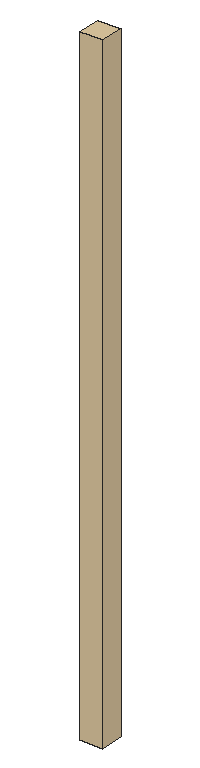
Revit family
Parameters (values of type "89 x 89")
  기둥 재료 [instance] = 목재 - 치수 재목
  Assembly Code = ""
  A = 0.008 m²
  Ix = 127.05
  Iy = 127.1
  Sx = 1919
  Sy = 117
  b = 88.9 mm
  d = 88.9 mm
Reference planes
  plane 1 "중심(앞/뒤)": y = 0
  plane 2: z = 0
  plane 3 "중심(왼쪽/오른쪽)": x = 0
  plane 4: x = -44.45
  plane 5: x = 44.45
  plane 6: y = 44.45
  plane 7: y = -44.45
Forms (mm)
  Extrusion 1, solid, material "목재 - 치수 재목" <- "기둥 재료", detail levels medium+fine
    sketch origin (0, 0, 0) x (1, 0, 0) y (0, 1, 0)
      loop
        line (-44.45, 44.45) -> (-44.45, -44.45) -> (44.45, -44.45) -> (44.45, 44.45) -> (-44.45, 44.45)
    from 0 to 2500
Lines and regions (mm)
  symbolic lines, style "StructuralColumnStickSymbols", detail levels coarse
    curve 1: line (-44.45, 44.45, 0) -> (44.45, 44.45, 0)
    curve 2: line (-44.45, -44.45, 0) -> (44.45, -44.45, 0)
    curve 3: line (-44.45, 44.45, 0) -> (-44.45, -44.45, 0)
    curve 4: line (44.45, 44.45, 0) -> (44.45, -44.45, 0)
Dimensions and locks
  equal spacing: plane 4, plane 3 "중심(왼쪽/오른쪽)", plane 5
  equal spacing: plane 7, plane 1 "중심(앞/뒤)", plane 6
  "d": plane 7 to plane 6
  "b": plane 4 to plane 5
  aligned and locked: plane 6 to Extrusion 1 sketch curve
  aligned and locked: Extrusion 1 sketch curve to plane 7
  aligned and locked: Extrusion 1 sketch curve to plane 4
  aligned and locked: plane 5 to Extrusion 1 sketch curve
  aligned and locked: level to Extrusion 1
  aligned and locked: level to plane 2
  aligned and locked: Extrusion 1 to plane 2
Automatic sketch dimensions
  curve 3 to plane 4 = 0 mm
  curve 4 to plane 5 = 0 mm
  curve 3 to plane 7 = 0 mm
  curve 3 to plane 6 = 0 mm
